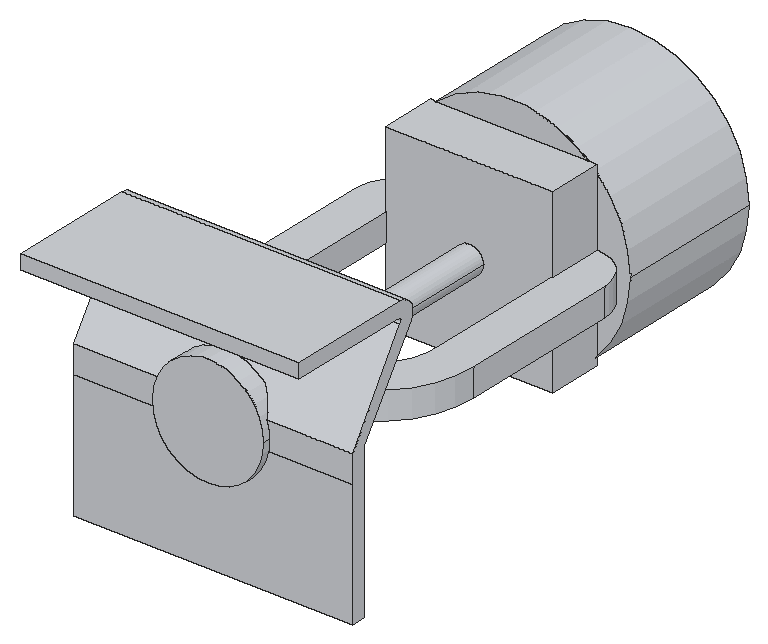
Revit family
Parameters (values of type "RASCO F1FR QREC EC9")
  Temperature Rating = 175 °F
  Response = 1
  RASCO SIN # = "R4862"
  RASCO Part # = "F1FREC95W"
  Pressure Rating = "300 PSI"
  Pressure Class = 1
  Orifice Size = 17/32"
  Orifice = (empty or 0)
  Model = "F1FR"
  Manufacturer = "RASCO"
  K-Factor = 8
  Description = "White Finish"
  Coverage = 1
Reference planes (in)
  plane 1 "Center (Front/Back)": y = 0
  plane 2: z = 0
  plane 3 "Center (Left/Right)": x = 0
Dimensions and locks (in)
  aligned and locked: plane 2 to level
Nested families (in)
  nested 1: "RASCO- F1FREC95W" at (-4.13928, -0.61466, 0), type "RASCO F1FR OREC EC9"
Connectors (in)
  piping at (-4.15164, 0.73459, 1.25584)
    settings: on nested 1, index 1, connector radius 17/32", flow factor 0, pipe flow 0 GPM, pressure drop 0.00 psi, fitting loss kfactor 0, connector angle 0.00°, fixture units 0, flow configuration 0, flow direction 0, fitting loss method 0, system type 7, connector reference index -1, connector utility 0, adjustable connector no, is connector primary yes, fitting loss table "", connector description ""
Definition of nested family "RASCO- F1FREC95W"
  Parameters (values of type "RASCO F1FR OREC EC9")
    Type Comments = ""
    Temperature Rating = 0 °F
    Response = (empty or 0)
    Pressure Rating = "0"
    Pressure Class = (empty or 0)
    Orifice Size = 0"
    Orifice = (empty or 0)
    Model = ""
    Manufacturer = ""
    K-Factor = 0
    Description = ""
    Coverage = (empty or 0)
    Assembly Code = ""
  Reference planes (in)
    plane 1 "Center (Front/Back)": y = 0
    plane 2: z = 0
    plane 3 "ref.2": z = 0.6875
    plane 4 "ref.3": z = 0.9375
    plane 5: x = -0.38065
    plane 6: x = 0.36935
    plane 7 "ref. side 1": y = 0.06402
    plane 8 "ref. side 2": y = -0.06098
    plane 9 "ref.4": z = 1.875
    plane 10 "ref.5": z = 2.3125
    plane 11 "ref.6": z = 2.4375
    plane 12 "center": x = -0.00574
  Forms (in)
    Extrusion 1, solid
      sketch origin (-0.01236, 1.37309, 1.25584) x (-1, 0, 0) y (0, 0, -1)
        loop
          circle (0, 0) r 0.53125
      from 0.02383 to 0.6875
    Extrusion 2, solid
      sketch origin (0.10949, 0.68559, 1.20407) x (-1, 0, 0) y (0, 0, -1)
        loop
          line (-0.2588, 0.356) -> (-0.2588, -0.4565) -> (0.4912, -0.4565) -> (0.4912, 0.356) -> (-0.2588, 0.356)
      from 0 to 0.25
    Extrusion 3, solid
      sketch origin (-0.01236, 1.3722, 1.25584) x (-1, 0, 0) y (0, -1, 0)
        loop
          line (-0.38065, 0.68754) -> (-0.38065, 1.58397)
          arc (-0.38065, 1.58397) -> (-0.29541, 1.78976) -> (-0.08962, 1.875) r 0.29103
          line (-0.08962, 1.875) -> (0.07524, 1.875)
          arc (0.07524, 1.875) -> (0.28321, 1.78886) -> (0.36935, 1.58089) r 0.29411
          line (0.36935, 1.58089) -> (0.36935, 0.68751)
          arc (0.36935, 0.68751) -> (0.50207, 0.74393) -> (0.55685, 0.87734) r 0.18984
          line (0.55685, 0.87734) -> (0.55685, 1.61676)
          arc (0.55685, 1.61676) -> (0.42629, 1.93194) -> (0.11111, 2.0625) r 0.44574
          line (0.11111, 2.0625) -> (-0.12259, 2.0625)
          arc (-0.12259, 2.0625) -> (-0.43765, 1.932) -> (-0.56815, 1.61694) r 0.44556
          line (-0.56815, 1.61694) -> (-0.56815, 0.87876)
          arc (-0.56815, 0.87876) -> (-0.51345, 0.74486) -> (-0.38065, 0.68754) r 0.19126
      from -0.06402 to 0.06098
    Extrusion 4, solid
      sketch origin (-0.01236, 0.43559, 1.25584) x (1, 0, 0) y (0, 0, 1)
        loop
          circle (0.00574, -0.00152) r 0.0625
      from 0 to 0.9375
    Extrusion 5, solid
      sketch origin (-0.01236, -0.50191, 1.25584) x (1, 0, 0) y (0, 0, 1)
        loop
          circle (0.00574, -0.00152) r 0.1875
      from 0 to 0.4375
    Extrusion 6, solid
      sketch origin (-0.01236, -0.89954, 1.2504) x (-1, 0, 0) y (0, 0, 1)
        loop
          circle (-0.00574, -0.00245) r 0.25
      from -0.13498 to -0.03987
    Extrusion 7, solid
      sketch origin (-0.00662, 1.2679, 1.26334) x (0, -1, 0) y (0, 0, 1)
        loop
          line (2.27263, -0.06402) -> (2.27263, 0.06098) -> (2.00466, 0.4658)
          arc (2.00466, 0.4658) -> (2.00382, 0.48409) -> (2.01953, 0.49348) r 0.01783
          line (2.01953, 0.49348) -> (2.57559, 0.49348) -> (2.57559, 0.55848) -> (2.00257, 0.55848)
          arc (2.00257, 0.55848) -> (1.94355, 0.52319) -> (1.9467, 0.4545) r 0.067
          line (1.9467, 0.4545) -> (2.20719, 0.06098) -> (2.20719, -0.62964) -> (2.27263, -0.62964) -> (2.27263, -0.06402)
      from -0.62515 to 0.62904
  Cuts and joins
    joined: Extrusion 1, Extrusion 2, Extrusion 4
